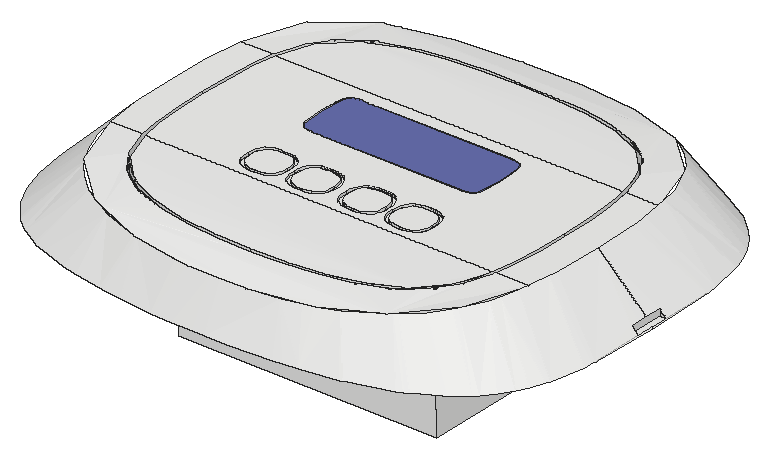
Revit family "Electronics_Controllers_Biamp_Vocia_Wall-Remote_WR-1__", category Communication Devices, host Face, Revit 2020
Family settings
  Host = Face
  Maintain Annotation Orientation = No
  Round Connector Dimension = Use Diameter
  Part Type = Normal
  OmniClass Number = 23.85.10.11
  OmniClass Title = Audio Information, Sound Signals
  Cut with Voids When Loaded = Yes
  Shared = No
  Room Calculation Point = No
Parameters (values of type "WR-1")
  Withit Wall Height = 2.40"  # constant formula
  Within Wall Width = 2.90"  # constant formula
  Within Wall Depth = 1.20"  # constant formula
  Width = 6.00"  # constant formula
  Weight = 0.40 lbf  # constant formula
  Voltage = 0 V
  URL = "https://www.biamp.com/"
  Temperature Range = "23 - 104° F (-5 - 40° C)"  # constant formula
  Product data url = "https://www.bimobject.com/biamp/product/vocia-wr-1_controller"
  Product Page URL = "https://www.biamp.com/products/product-families/vocia/vocia-controllers#vocia-wr-1"
  Product Documentation Link = "https://downloads.biamp.com/assets/docs/default-source/data-sheets/biamp_data_sheet_vocia_wr-1_oct18.pdf"
  Power Factor = 1
  Number of Poles = 1
  Network Connection = "RJ-45 with shielded Ethernet (CAT5, CAT5e, CAT6 or CAT7)"  # constant formula
  Model = "Vocia WR-1"  # constant formula
  Max Power Consumption = 0 W
  Manufacturer = "Biamp"  # constant formula
  Humidity = "0-95% relative humidity (non-condensing)"  # constant formula
  Housing Material = Biamp - Plastic - White
  Height = 5.10156"  # constant formula
  Description = "Vocia® WR-1 Wall Remote"  # constant formula
  Depth = 1.80"  # constant formula
  Default Elevation = 48.00"
  Connector Description = "RJ-45; PoE 802.3af Class 1"  # constant formula
  Compliance = "CE marked (Europe), RoHS Directive (Europe)"  # constant formula
  Apparent Load = Max Power Consumption / Power Factor  # 0 VA
  Altitude = "0-10,000 ft (0-3000m) MSL"  # constant formula
Reference planes (in)
  plane 1 "Center (Front/Back)": y = 0
  plane 2: z = 0
  plane 3 "Center (Left/Right)": x = 0
Forms (in)
  Blend 1, solid, material "Biamp - Plastic - White" <- "Housing Material", detail levels medium+fine
    base sketch origin (0, 0, 0) x (1, 0, 0) y (0, 1, 0)
      loop
        spline (-3.01353, 0) -> (-2.95927, -0.97771) -> (-2.74381, -1.66462) -> (-2.32862, -2.09976) -> (-1.70284, -2.36526) -> (-0.91323, -2.50925) -> (-0.04235, -2.55841) -> (0.8285, -2.52732) -> (1.62375, -2.39332) -> (2.26972, -2.12636) -> (2.71871, -1.69369) -> (2.95601, -1.05617) -> (3.01353, 0)
        spline (3.01353, 0) -> (2.95601, 1.05617) -> (2.71871, 1.69369) -> (2.26972, 2.12636) -> (1.62375, 2.39332) -> (0.8285, 2.52732) -> (-0.04235, 2.55841) -> (-0.91323, 2.50925) -> (-1.70284, 2.36526) -> (-2.32862, 2.09976) -> (-2.74381, 1.66462) -> (-2.95927, 0.97771) -> (-3.01353, 0)
    top sketch origin (0, 0, 0) x (1, 0, 0) y (0, 1, 0)
      loop
        spline (-2.40478, 0) -> (-2.37065, -0.74304) -> (-2.22214, -1.35506) -> (-1.89175, -1.80785) -> (-1.37007, -2.09749) -> (-0.71973, -2.25013) -> (-0.00785, -2.2938) -> (0.6996, -2.24953) -> (1.34241, -2.10307) -> (1.8622, -1.82917) -> (2.20286, -1.40262) -> (2.3644, -0.80006) -> (2.40478, 0)
        spline (2.40478, 0) -> (2.3644, 0.80006) -> (2.20286, 1.40262) -> (1.8622, 1.82917) -> (1.34241, 2.10307) -> (0.6996, 2.24953) -> (-0.00785, 2.2938) -> (-0.71973, 2.25013) -> (-1.37007, 2.09749) -> (-1.89175, 1.80785) -> (-2.22214, 1.35506) -> (-2.37065, 0.74304) -> (-2.40478, 0)
    from 0 to 0.60156
  Extrusion 2, void
    sketch origin (0, 0, 0) x (0, 1, 0) y (0, 0, 1)
      loop
        spline (0.91665, 0.60156) -> (1.16982, 0.60045) -> (1.38131, 0.59722) -> (1.55672, 0.59197) -> (1.70163, 0.58482) -> (1.82162, 0.57589) -> (1.9223, 0.56527) -> (2.00924, 0.55309) -> (2.08802, 0.53945) -> (2.16258, 0.52454) -> (2.23358, 0.50867) -> (2.30134, 0.49218) -> (2.36613, 0.4754)
        line (2.36613, 0.4754) -> (2.31076, 0.60156) -> (0.91665, 0.60156)
      loop
        line (-0.91665, 0.60156) -> (-2.31076, 0.60156) -> (-2.36613, 0.4754)
        spline (-2.36613, 0.4754) -> (-2.30134, 0.49218) -> (-2.23358, 0.50867) -> (-2.16258, 0.52454) -> (-2.08802, 0.53945) -> (-2.00924, 0.55309) -> (-1.9223, 0.56527) -> (-1.82162, 0.57589) -> (-1.70163, 0.58482) -> (-1.55672, 0.59197) -> (-1.38131, 0.59722) -> (-1.16982, 0.60045) -> (-0.91665, 0.60156)
    from -2.7028 to 2.42116
  Extrusion 3, solid, material "Biamp - Plastic - White" <- "Housing Material"
    sketch origin (0, 0, -0.02835) x (0, 1, 0) y (0, 0, 1)
      loop
        line (1.07514, -1.14329) -> (1.10582, 0.02835) -> (-1.10582, 0.02835) -> (-1.07514, -1.14329) -> (1.07514, -1.14329)
    from -1.45 to 1.45
  Extrusion 4, void
    sketch origin (0, 0, 0) x (1, 0, 0) y (0, 1, 0)
      loop
        spline (-2.05083, 0) -> (-2.04393, -0.37633) -> (-2.0208, -0.69163) -> (-1.97777, -0.95376) -> (-1.91117, -1.17063) -> (-1.81736, -1.3501) -> (-1.69266, -1.50006) -> (-1.5328, -1.62634) -> (-1.33204, -1.72971) -> (-1.08437, -1.81014) -> (-0.7838, -1.86762) -> (-0.42434, -1.90213) -> (0, -1.91363)
        spline (0, -1.91363) -> (0.42434, -1.90213) -> (0.7838, -1.86762) -> (1.08437, -1.81014) -> (1.33204, -1.72971) -> (1.5328, -1.62634) -> (1.69266, -1.50006) -> (1.81736, -1.3501) -> (1.91117, -1.17063) -> (1.97777, -0.95376) -> (2.0208, -0.69163) -> (2.04393, -0.37633) -> (2.05083, 0)
        spline (2.05083, 0) -> (2.04393, 0.37633) -> (2.0208, 0.69163) -> (1.97777, 0.95376) -> (1.91117, 1.17063) -> (1.81736, 1.3501) -> (1.69266, 1.50006) -> (1.5328, 1.62634) -> (1.33204, 1.72971) -> (1.08437, 1.81014) -> (0.7838, 1.86762) -> (0.42434, 1.90213) -> (0, 1.91363)
        spline (0, 1.91363) -> (-0.42434, 1.90213) -> (-0.7838, 1.86762) -> (-1.08437, 1.81014) -> (-1.33204, 1.72971) -> (-1.5328, 1.62634) -> (-1.69266, 1.50006) -> (-1.81736, 1.3501) -> (-1.91117, 1.17063) -> (-1.97777, 0.95376) -> (-2.0208, 0.69163) -> (-2.04393, 0.37633) -> (-2.05083, 0)
      loop
        spline (-2.01567, 0) -> (-2.00879, -0.37487) -> (-1.98586, -0.68768) -> (-1.94348, -0.94597) -> (-1.87859, -1.15742) -> (-1.78807, -1.33067) -> (-1.66813, -1.47488) -> (-1.51386, -1.59672) -> (-1.31857, -1.69725) -> (-1.0757, -1.77608) -> (-0.77896, -1.83279) -> (-0.4223, -1.86701) -> (0, -1.87847)
        spline (0, -1.87847) -> (0.4223, -1.86701) -> (0.77896, -1.83279) -> (1.0757, -1.77608) -> (1.31857, -1.69725) -> (1.51386, -1.59672) -> (1.66813, -1.47488) -> (1.78807, -1.33067) -> (1.87859, -1.15742) -> (1.94348, -0.94597) -> (1.98586, -0.68768) -> (2.00879, -0.37487) -> (2.01567, 0)
        spline (2.01567, 0) -> (2.00879, 0.37487) -> (1.98586, 0.68768) -> (1.94348, 0.94597) -> (1.87859, 1.15742) -> (1.78807, 1.33067) -> (1.66813, 1.47488) -> (1.51386, 1.59672) -> (1.31857, 1.69725) -> (1.0757, 1.77608) -> (0.77896, 1.83279) -> (0.4223, 1.86701) -> (0, 1.87847)
        spline (0, 1.87847) -> (-0.4223, 1.86701) -> (-0.77896, 1.83279) -> (-1.0757, 1.77608) -> (-1.31857, 1.69725) -> (-1.51386, 1.59672) -> (-1.66813, 1.47488) -> (-1.78807, 1.33067) -> (-1.87859, 1.15742) -> (-1.94348, 0.94597) -> (-1.98586, 0.68768) -> (-2.00879, 0.37487) -> (-2.01567, 0)
    from 0.01953 to 0.62109
  Extrusion 5, void
    sketch origin (0, 0, 0.60156) x (1, 0, 0) y (0, 1, 0)
      loop
        spline (-0.83088, 0.75924) -> (-0.893, 0.75588) -> (-0.93764, 0.74638) -> (-0.96804, 0.73157) -> (-0.98747, 0.71231) -> (-0.99916, 0.68942) -> (-1.00636, 0.66377) -> (-1.01182, 0.63576) -> (-1.01615, 0.60403) -> (-1.01942, 0.56673) -> (-1.02169, 0.52201) -> (-1.023, 0.46803) -> (-1.02343, 0.40294)
        spline (-1.02343, 0.40294) -> (-1.023, 0.33785) -> (-1.02169, 0.28386) -> (-1.01942, 0.23915) -> (-1.01615, 0.20184) -> (-1.01182, 0.17011) -> (-1.00636, 0.14211) -> (-0.99916, 0.11645) -> (-0.98747, 0.09357) -> (-0.96804, 0.0743) -> (-0.93764, 0.0595) -> (-0.893, 0.04999) -> (-0.83088, 0.04664)
        line (-0.83088, 0.04664) -> (0.79157, 0.04664)
        spline (0.79157, 0.04664) -> (0.85369, 0.04999) -> (0.89833, 0.0595) -> (0.92874, 0.0743) -> (0.94816, 0.09357) -> (0.95985, 0.11645) -> (0.96705, 0.14211) -> (0.97251, 0.17011) -> (0.97685, 0.20184) -> (0.98012, 0.23915) -> (0.98238, 0.28386) -> (0.9837, 0.33785) -> (0.98412, 0.40294)
        spline (0.98412, 0.40294) -> (0.9837, 0.46803) -> (0.98238, 0.52201) -> (0.98012, 0.56673) -> (0.97685, 0.60403) -> (0.97251, 0.63576) -> (0.96705, 0.66377) -> (0.95985, 0.68942) -> (0.94816, 0.71231) -> (0.92874, 0.73157) -> (0.89833, 0.74638) -> (0.85369, 0.75588) -> (0.79157, 0.75924)
        line (0.79157, 0.75924) -> (-0.83088, 0.75924)
    from 0 to -0.01953
  Extrusion 6, solid, material "Biamp - Plastic - Blue", detail levels fine
    sketch origin (0, 0, 0.60156) x (1, 0, 0) y (0, 1, 0)
      loop
        spline (-0.83088, 0.75924) -> (-0.893, 0.75588) -> (-0.93764, 0.74638) -> (-0.96804, 0.73157) -> (-0.98747, 0.71231) -> (-0.99916, 0.68942) -> (-1.00636, 0.66377) -> (-1.01182, 0.63576) -> (-1.01615, 0.60403) -> (-1.01942, 0.56673) -> (-1.02169, 0.52201) -> (-1.023, 0.46803) -> (-1.02343, 0.40294)
        spline (-1.02343, 0.40294) -> (-1.023, 0.33785) -> (-1.02169, 0.28386) -> (-1.01942, 0.23915) -> (-1.01615, 0.20184) -> (-1.01182, 0.17011) -> (-1.00636, 0.14211) -> (-0.99916, 0.11645) -> (-0.98747, 0.09357) -> (-0.96804, 0.0743) -> (-0.93764, 0.0595) -> (-0.893, 0.04999) -> (-0.83088, 0.04664)
        line (-0.83088, 0.04664) -> (0.79157, 0.04664)
        spline (0.79157, 0.04664) -> (0.85369, 0.04999) -> (0.89833, 0.0595) -> (0.92874, 0.0743) -> (0.94816, 0.09357) -> (0.95985, 0.11645) -> (0.96705, 0.14211) -> (0.97251, 0.17011) -> (0.97685, 0.20184) -> (0.98012, 0.23915) -> (0.98238, 0.28386) -> (0.9837, 0.33785) -> (0.98412, 0.40294)
        spline (0.98412, 0.40294) -> (0.9837, 0.46803) -> (0.98238, 0.52201) -> (0.98012, 0.56673) -> (0.97685, 0.60403) -> (0.97251, 0.63576) -> (0.96705, 0.66377) -> (0.95985, 0.68942) -> (0.94816, 0.71231) -> (0.92874, 0.73157) -> (0.89833, 0.74638) -> (0.85369, 0.75588) -> (0.79157, 0.75924)
        line (0.79157, 0.75924) -> (-0.83088, 0.75924)
    from 0 to -0.01953
  Extrusion 7, void
    sketch origin (0, 0, 0.60156) x (1, 0, 0) y (0, 1, 0)
      loop
        spline (-0.81263, -0.37004) -> (-0.8529, -0.37109) -> (-0.88955, -0.37554) -> (-0.92258, -0.38337) -> (-0.95198, -0.39459) -> (-0.97776, -0.4092) -> (-0.99992, -0.42719) -> (-1.01845, -0.44858) -> (-1.03336, -0.47335) -> (-1.04464, -0.50151) -> (-1.05231, -0.53305) -> (-1.05634, -0.56799) -> (-1.05676, -0.60631)
        spline (-1.05676, -0.60631) -> (-1.05634, -0.64463) -> (-1.05231, -0.67957) -> (-1.04464, -0.71111) -> (-1.03336, -0.73927) -> (-1.01845, -0.76404) -> (-0.99992, -0.78543) -> (-0.97776, -0.80342) -> (-0.95198, -0.81803) -> (-0.92258, -0.82925) -> (-0.88955, -0.83708) -> (-0.8529, -0.84153) -> (-0.81263, -0.84258)
        spline (-0.81263, -0.84258) -> (-0.77236, -0.84153) -> (-0.73571, -0.83708) -> (-0.70268, -0.82925) -> (-0.67328, -0.81803) -> (-0.6475, -0.80342) -> (-0.62534, -0.78543) -> (-0.60681, -0.76404) -> (-0.5919, -0.73927) -> (-0.58062, -0.71111) -> (-0.57295, -0.67957) -> (-0.56892, -0.64463) -> (-0.5685, -0.60631)
        spline (-0.5685, -0.60631) -> (-0.56892, -0.56799) -> (-0.57295, -0.53305) -> (-0.58062, -0.50151) -> (-0.5919, -0.47335) -> (-0.60681, -0.44858) -> (-0.62534, -0.42719) -> (-0.6475, -0.4092) -> (-0.67328, -0.39459) -> (-0.70268, -0.38337) -> (-0.73571, -0.37554) -> (-0.77236, -0.37109) -> (-0.81263, -0.37004)
    from 0.01953 to -0.02344
  Extrusion 8, void
    sketch origin (0.52201, 0, 0.60156) x (1, 0, 0) y (0, 1, 0)
      loop
        spline (-0.81263, -0.37004) -> (-0.8529, -0.37109) -> (-0.88955, -0.37554) -> (-0.92258, -0.38337) -> (-0.95198, -0.39459) -> (-0.97776, -0.4092) -> (-0.99992, -0.42719) -> (-1.01845, -0.44858) -> (-1.03336, -0.47335) -> (-1.04464, -0.50151) -> (-1.05231, -0.53305) -> (-1.05634, -0.56799) -> (-1.05676, -0.60631)
        spline (-1.05676, -0.60631) -> (-1.05634, -0.64463) -> (-1.05231, -0.67957) -> (-1.04464, -0.71111) -> (-1.03336, -0.73927) -> (-1.01845, -0.76404) -> (-0.99992, -0.78543) -> (-0.97776, -0.80342) -> (-0.95198, -0.81803) -> (-0.92258, -0.82925) -> (-0.88955, -0.83708) -> (-0.8529, -0.84153) -> (-0.81263, -0.84258)
        spline (-0.81263, -0.84258) -> (-0.77236, -0.84153) -> (-0.73571, -0.83708) -> (-0.70268, -0.82925) -> (-0.67328, -0.81803) -> (-0.6475, -0.80342) -> (-0.62534, -0.78543) -> (-0.60681, -0.76404) -> (-0.5919, -0.73927) -> (-0.58062, -0.71111) -> (-0.57295, -0.67957) -> (-0.56892, -0.64463) -> (-0.5685, -0.60631)
        spline (-0.5685, -0.60631) -> (-0.56892, -0.56799) -> (-0.57295, -0.53305) -> (-0.58062, -0.50151) -> (-0.5919, -0.47335) -> (-0.60681, -0.44858) -> (-0.62534, -0.42719) -> (-0.6475, -0.4092) -> (-0.67328, -0.39459) -> (-0.70268, -0.38337) -> (-0.73571, -0.37554) -> (-0.77236, -0.37109) -> (-0.81263, -0.37004)
    from 0.01953 to -0.02344
  Extrusion 9, void
    sketch origin (1.10307, 0, 0.60156) x (1, 0, 0) y (0, 1, 0)
      loop
        spline (-0.81263, -0.37004) -> (-0.8529, -0.37109) -> (-0.88955, -0.37554) -> (-0.92258, -0.38337) -> (-0.95198, -0.39459) -> (-0.97776, -0.4092) -> (-0.99992, -0.42719) -> (-1.01845, -0.44858) -> (-1.03336, -0.47335) -> (-1.04464, -0.50151) -> (-1.05231, -0.53305) -> (-1.05634, -0.56799) -> (-1.05676, -0.60631)
        spline (-1.05676, -0.60631) -> (-1.05634, -0.64463) -> (-1.05231, -0.67957) -> (-1.04464, -0.71111) -> (-1.03336, -0.73927) -> (-1.01845, -0.76404) -> (-0.99992, -0.78543) -> (-0.97776, -0.80342) -> (-0.95198, -0.81803) -> (-0.92258, -0.82925) -> (-0.88955, -0.83708) -> (-0.8529, -0.84153) -> (-0.81263, -0.84258)
        spline (-0.81263, -0.84258) -> (-0.77236, -0.84153) -> (-0.73571, -0.83708) -> (-0.70268, -0.82925) -> (-0.67328, -0.81803) -> (-0.6475, -0.80342) -> (-0.62534, -0.78543) -> (-0.60681, -0.76404) -> (-0.5919, -0.73927) -> (-0.58062, -0.71111) -> (-0.57295, -0.67957) -> (-0.56892, -0.64463) -> (-0.5685, -0.60631)
        spline (-0.5685, -0.60631) -> (-0.56892, -0.56799) -> (-0.57295, -0.53305) -> (-0.58062, -0.50151) -> (-0.5919, -0.47335) -> (-0.60681, -0.44858) -> (-0.62534, -0.42719) -> (-0.6475, -0.4092) -> (-0.67328, -0.39459) -> (-0.70268, -0.38337) -> (-0.73571, -0.37554) -> (-0.77236, -0.37109) -> (-0.81263, -0.37004)
    from 0.01953 to -0.02344
  Extrusion 10, void
    sketch origin (1.62508, 0, 0.60156) x (1, 0, 0) y (0, 1, 0)
      loop
        spline (-0.81263, -0.37004) -> (-0.8529, -0.37109) -> (-0.88955, -0.37554) -> (-0.92258, -0.38337) -> (-0.95198, -0.39459) -> (-0.97776, -0.4092) -> (-0.99992, -0.42719) -> (-1.01845, -0.44858) -> (-1.03336, -0.47335) -> (-1.04464, -0.50151) -> (-1.05231, -0.53305) -> (-1.05634, -0.56799) -> (-1.05676, -0.60631)
        spline (-1.05676, -0.60631) -> (-1.05634, -0.64463) -> (-1.05231, -0.67957) -> (-1.04464, -0.71111) -> (-1.03336, -0.73927) -> (-1.01845, -0.76404) -> (-0.99992, -0.78543) -> (-0.97776, -0.80342) -> (-0.95198, -0.81803) -> (-0.92258, -0.82925) -> (-0.88955, -0.83708) -> (-0.8529, -0.84153) -> (-0.81263, -0.84258)
        spline (-0.81263, -0.84258) -> (-0.77236, -0.84153) -> (-0.73571, -0.83708) -> (-0.70268, -0.82925) -> (-0.67328, -0.81803) -> (-0.6475, -0.80342) -> (-0.62534, -0.78543) -> (-0.60681, -0.76404) -> (-0.5919, -0.73927) -> (-0.58062, -0.71111) -> (-0.57295, -0.67957) -> (-0.56892, -0.64463) -> (-0.5685, -0.60631)
        spline (-0.5685, -0.60631) -> (-0.56892, -0.56799) -> (-0.57295, -0.53305) -> (-0.58062, -0.50151) -> (-0.5919, -0.47335) -> (-0.60681, -0.44858) -> (-0.62534, -0.42719) -> (-0.6475, -0.4092) -> (-0.67328, -0.39459) -> (-0.70268, -0.38337) -> (-0.73571, -0.37554) -> (-0.77236, -0.37109) -> (-0.81263, -0.37004)
    from 0.01953 to -0.02344
  Extrusion 11, solid, material "Biamp - Plastic - White" <- "Housing Material", detail levels fine
    sketch origin (0, 0, 0.57812) x (1, 0, 0) y (0, 1, 0)
      loop
        spline (-1.01485, -0.6051) -> (-1.01534, -0.63714) -> (-1.01267, -0.66634) -> (-1.00686, -0.6927) -> (-0.9979, -0.71622) -> (-0.98579, -0.7369) -> (-0.97053, -0.75474) -> (-0.95213, -0.76974) -> (-0.93058, -0.7819) -> (-0.90588, -0.79122) -> (-0.87803, -0.7977) -> (-0.84703, -0.80133) -> (-0.81289, -0.80213)
        spline (-0.81289, -0.80213) -> (-0.77875, -0.80133) -> (-0.74775, -0.7977) -> (-0.7199, -0.79122) -> (-0.6952, -0.7819) -> (-0.67365, -0.76974) -> (-0.65525, -0.75474) -> (-0.63999, -0.7369) -> (-0.62788, -0.71622) -> (-0.61892, -0.6927) -> (-0.61311, -0.66634) -> (-0.61045, -0.63714) -> (-0.61093, -0.6051)
        spline (-0.61093, -0.6051) -> (-0.61045, -0.57306) -> (-0.61311, -0.54386) -> (-0.61892, -0.5175) -> (-0.62788, -0.49398) -> (-0.63999, -0.4733) -> (-0.65525, -0.45546) -> (-0.67365, -0.44046) -> (-0.6952, -0.42831) -> (-0.7199, -0.41899) -> (-0.74775, -0.41251) -> (-0.77875, -0.40887) -> (-0.81289, -0.40808)
        spline (-0.81289, -0.40808) -> (-0.84703, -0.40887) -> (-0.87803, -0.41251) -> (-0.90588, -0.41899) -> (-0.93058, -0.42831) -> (-0.95213, -0.44046) -> (-0.97053, -0.45546) -> (-0.98579, -0.4733) -> (-0.9979, -0.49398) -> (-1.00686, -0.5175) -> (-1.01267, -0.54386) -> (-1.01534, -0.57306) -> (-1.01485, -0.6051)
    from 0 to 0.02344
  Extrusion 12, solid, material "Biamp - Plastic - White" <- "Housing Material", detail levels fine
    sketch origin (1.10307, 0, 0.57812) x (1, 0, 0) y (0, 1, 0)
      loop
        spline (-1.01485, -0.6051) -> (-1.01534, -0.63714) -> (-1.01267, -0.66634) -> (-1.00686, -0.6927) -> (-0.9979, -0.71622) -> (-0.98579, -0.7369) -> (-0.97053, -0.75474) -> (-0.95213, -0.76974) -> (-0.93058, -0.7819) -> (-0.90588, -0.79122) -> (-0.87803, -0.7977) -> (-0.84703, -0.80133) -> (-0.81289, -0.80213)
        spline (-0.81289, -0.80213) -> (-0.77875, -0.80133) -> (-0.74775, -0.7977) -> (-0.7199, -0.79122) -> (-0.6952, -0.7819) -> (-0.67365, -0.76974) -> (-0.65525, -0.75474) -> (-0.63999, -0.7369) -> (-0.62788, -0.71622) -> (-0.61892, -0.6927) -> (-0.61311, -0.66634) -> (-0.61045, -0.63714) -> (-0.61093, -0.6051)
        spline (-0.61093, -0.6051) -> (-0.61045, -0.57306) -> (-0.61311, -0.54386) -> (-0.61892, -0.5175) -> (-0.62788, -0.49398) -> (-0.63999, -0.4733) -> (-0.65525, -0.45546) -> (-0.67365, -0.44046) -> (-0.6952, -0.42831) -> (-0.7199, -0.41899) -> (-0.74775, -0.41251) -> (-0.77875, -0.40887) -> (-0.81289, -0.40808)
        spline (-0.81289, -0.40808) -> (-0.84703, -0.40887) -> (-0.87803, -0.41251) -> (-0.90588, -0.41899) -> (-0.93058, -0.42831) -> (-0.95213, -0.44046) -> (-0.97053, -0.45546) -> (-0.98579, -0.4733) -> (-0.9979, -0.49398) -> (-1.00686, -0.5175) -> (-1.01267, -0.54386) -> (-1.01534, -0.57306) -> (-1.01485, -0.6051)
    from 0 to 0.02344
  Extrusion 13, solid, material "Biamp - Plastic - White" <- "Housing Material", detail levels fine
    sketch origin (0.52201, 0, 0.57812) x (1, 0, 0) y (0, 1, 0)
      loop
        spline (-1.01485, -0.6051) -> (-1.01534, -0.63714) -> (-1.01267, -0.66634) -> (-1.00686, -0.6927) -> (-0.9979, -0.71622) -> (-0.98579, -0.7369) -> (-0.97053, -0.75474) -> (-0.95213, -0.76974) -> (-0.93058, -0.7819) -> (-0.90588, -0.79122) -> (-0.87803, -0.7977) -> (-0.84703, -0.80133) -> (-0.81289, -0.80213)
        spline (-0.81289, -0.80213) -> (-0.77875, -0.80133) -> (-0.74775, -0.7977) -> (-0.7199, -0.79122) -> (-0.6952, -0.7819) -> (-0.67365, -0.76974) -> (-0.65525, -0.75474) -> (-0.63999, -0.7369) -> (-0.62788, -0.71622) -> (-0.61892, -0.6927) -> (-0.61311, -0.66634) -> (-0.61045, -0.63714) -> (-0.61093, -0.6051)
        spline (-0.61093, -0.6051) -> (-0.61045, -0.57306) -> (-0.61311, -0.54386) -> (-0.61892, -0.5175) -> (-0.62788, -0.49398) -> (-0.63999, -0.4733) -> (-0.65525, -0.45546) -> (-0.67365, -0.44046) -> (-0.6952, -0.42831) -> (-0.7199, -0.41899) -> (-0.74775, -0.41251) -> (-0.77875, -0.40887) -> (-0.81289, -0.40808)
        spline (-0.81289, -0.40808) -> (-0.84703, -0.40887) -> (-0.87803, -0.41251) -> (-0.90588, -0.41899) -> (-0.93058, -0.42831) -> (-0.95213, -0.44046) -> (-0.97053, -0.45546) -> (-0.98579, -0.4733) -> (-0.9979, -0.49398) -> (-1.00686, -0.5175) -> (-1.01267, -0.54386) -> (-1.01534, -0.57306) -> (-1.01485, -0.6051)
    from 0 to 0.02344
  Extrusion 14, solid, material "Biamp - Plastic - White" <- "Housing Material", detail levels fine
    sketch origin (1.62508, 0, 0.57812) x (1, 0, 0) y (0, 1, 0)
      loop
        spline (-1.01485, -0.6051) -> (-1.01534, -0.63714) -> (-1.01267, -0.66634) -> (-1.00686, -0.6927) -> (-0.9979, -0.71622) -> (-0.98579, -0.7369) -> (-0.97053, -0.75474) -> (-0.95213, -0.76974) -> (-0.93058, -0.7819) -> (-0.90588, -0.79122) -> (-0.87803, -0.7977) -> (-0.84703, -0.80133) -> (-0.81289, -0.80213)
        spline (-0.81289, -0.80213) -> (-0.77875, -0.80133) -> (-0.74775, -0.7977) -> (-0.7199, -0.79122) -> (-0.6952, -0.7819) -> (-0.67365, -0.76974) -> (-0.65525, -0.75474) -> (-0.63999, -0.7369) -> (-0.62788, -0.71622) -> (-0.61892, -0.6927) -> (-0.61311, -0.66634) -> (-0.61045, -0.63714) -> (-0.61093, -0.6051)
        spline (-0.61093, -0.6051) -> (-0.61045, -0.57306) -> (-0.61311, -0.54386) -> (-0.61892, -0.5175) -> (-0.62788, -0.49398) -> (-0.63999, -0.4733) -> (-0.65525, -0.45546) -> (-0.67365, -0.44046) -> (-0.6952, -0.42831) -> (-0.7199, -0.41899) -> (-0.74775, -0.41251) -> (-0.77875, -0.40887) -> (-0.81289, -0.40808)
        spline (-0.81289, -0.40808) -> (-0.84703, -0.40887) -> (-0.87803, -0.41251) -> (-0.90588, -0.41899) -> (-0.93058, -0.42831) -> (-0.95213, -0.44046) -> (-0.97053, -0.45546) -> (-0.98579, -0.4733) -> (-0.9979, -0.49398) -> (-1.00686, -0.5175) -> (-1.01267, -0.54386) -> (-1.01534, -0.57306) -> (-1.01485, -0.6051)
    from 0 to 0.02344
  Extrusion 15, void
    sketch origin (0, 0, 0) x (1, 0, 0) y (0, 1, 0)
      loop
        line (-3.01321, 0.19759) -> (-3.01321, -0.1976) -> (-2.92732, -0.1976) -> (-2.92732, 0.19759) -> (-3.01321, 0.19759)
    from 0.01034 to 0.11673
  Extrusion 16, void
    sketch origin (0, 0, 0) x (-1, 0, 0) y (0, -1, 0)
      loop
        line (-3.01321, -0.19759) -> (-2.92732, -0.19759) -> (-2.92732, 0.1976) -> (-3.01321, 0.1976) -> (-3.01321, -0.19759)
    from 0.01034 to 0.11673
  Blend 17, solid, material "Biamp - Plastic - White" <- "Housing Material", detail levels coarse
    base sketch origin (0.00005, -0.00119, 0) x (1, 0, 0) y (0, 1, 0)
      loop
        spline (-3.01353, 0) -> (-2.95927, -0.97771) -> (-2.74381, -1.66462) -> (-2.32862, -2.09976) -> (-1.70284, -2.36526) -> (-0.91323, -2.50925) -> (-0.04235, -2.55841) -> (0.8285, -2.52732) -> (1.62375, -2.39332) -> (2.26972, -2.12636) -> (2.71871, -1.69369) -> (2.95601, -1.05617) -> (3.01353, 0)
        spline (3.01353, 0) -> (2.95601, 1.05617) -> (2.71871, 1.69369) -> (2.26972, 2.12636) -> (1.62375, 2.39332) -> (0.8285, 2.52732) -> (-0.04235, 2.55841) -> (-0.91323, 2.50925) -> (-1.70284, 2.36526) -> (-2.32862, 2.09976) -> (-2.74381, 1.66462) -> (-2.95927, 0.97771) -> (-3.01353, 0)
    top sketch origin (0.00005, -0.00119, 0) x (1, 0, 0) y (0, 1, 0)
      loop
        spline (-2.40478, 0) -> (-2.37065, -0.74304) -> (-2.22214, -1.35506) -> (-1.89175, -1.80785) -> (-1.37007, -2.09749) -> (-0.71973, -2.25013) -> (-0.00785, -2.2938) -> (0.6996, -2.24953) -> (1.34241, -2.10307) -> (1.8622, -1.82917) -> (2.20286, -1.40262) -> (2.3644, -0.80006) -> (2.40478, 0)
        spline (2.40478, 0) -> (2.3644, 0.80006) -> (2.20286, 1.40262) -> (1.8622, 1.82917) -> (1.34241, 2.10307) -> (0.6996, 2.24953) -> (-0.00785, 2.2938) -> (-0.71973, 2.25013) -> (-1.37007, 2.09749) -> (-1.89175, 1.80785) -> (-2.22214, 1.35506) -> (-2.37065, 0.74304) -> (-2.40478, 0)
    from 0 to 0.60156
  Extrusion 18, void
    sketch origin (0, -1.03602, -1.17165) x (1, 0, 0) y (0, -1, 0)
      loop
        circle (-1.2, -0.21089) r 0.08813
      loop
        line (-1.38398, -2.02721) -> (-0.88398, -2.02721) -> (-0.88398, -1.68721) -> (-1.38398, -1.68721) -> (-1.38398, -2.02721)
    from 0.01953 to -0.05078
  Extrusion 19, void
    sketch origin (0, 0, 0) x (1, 0, 0) y (0, 1, 0)
      loop
        line (-1.45, 1.10582) -> (-1.45, -1.10582) -> (1.45, -1.10582) -> (1.45, 1.10582) -> (-1.45, 1.10582)
    from 0 to -1.17165
Cuts and joins
  Extrusion 2, Extrusion 4, Extrusion 5, Extrusion 7, Extrusion 8, Extrusion 9, Extrusion 10, Extrusion 15, Extrusion 16 cuts Blend 1
  Extrusion 18 cuts Extrusion 3
Lines and regions (in)
  Masking region 1
    outline origin (0, 0, 0) x (1, 0, 0) y (0, 0, 1)
      loop
        line (-1.45, 0) -> (1.45, 0) -> (3.00634, 0) -> (2.40478, 0.60156) -> (-2.40478, 0.60156) -> (-3.01353, 0) -> (-1.45, 0)
  symbolic lines, detail levels medium+fine
    curve 1: line (-3.01353, 0, 0) -> (3.01353, 0, 0)
    curve 2: line (2.34702, 0, 0.60156) -> (-2.34571, 0, 0.60156)
    curve 3: line (0, 0, 0.56632) -> (-2.34571, 0, 0.60156)
    curve 4: line (2.34702, 0, 0.60156) -> (0, 0, 0.56632)
Dimensions and locks (in)
  aligned and locked: plane 2 to host face
  aligned and locked: level to host face
Connectors (in)
  electrical at (-1.13398, 0.82119, -1.12086), driven by "Number of Poles", driven by "Voltage", driven by "Apparent Load", driven by "Power Factor", driven by "Connector Description"
    settings: on cut or joined group of Extrusion 3, Extrusion 18, index 1, voltage 0 V, apparent load 0 VA, apparent load phase1 0 VA, apparent load phase2 0 VA, apparent load phase3 0 VA, power factor 1, load classification "Other", number of poles 1, system type 31, power factor state 1, is connector primary yes, connector utility no, sub classification motor no, connector description "RJ-45; PoE 802.3af Class 1"
